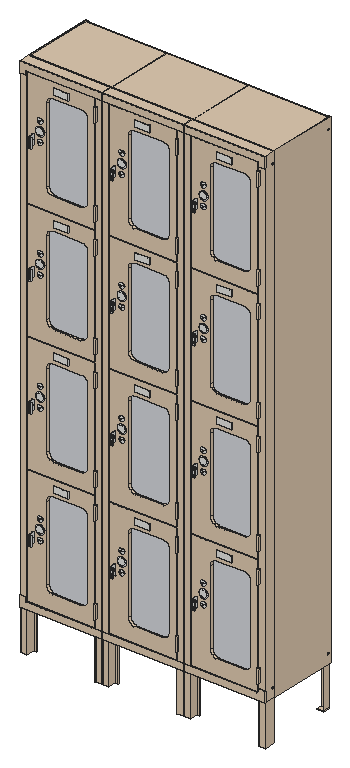
Revit family "Metal_Lockers-Salsbury_Industries-S_64000_Series-3_Wide_Units", category Specialty Equipment, Revit 2016
Family settings
  Part Type = Normal
  Round Connector Dimension = Use Diameter
  OmniClass Number = 23.40.00.00
  OmniClass Title = Equipment and Furnishings
  Work Plane-Based = No
  Always vertical = Yes
  Cut with Voids When Loaded = No
  Shared = No
  Room Calculation Point = No
Parameters (values of type "S-64362 - with Standard 6" High Legs")
  Zee Base Corner - Right Side [instance] = Metal Locker Zee Base Corner : None
  Zee Base Corner - Left Side [instance] = Metal Locker Zee Base Corner : None
  Zee Base - Right Side [instance] = Metal Locker Zee Base-Right Side : None
  Zee Base - Left Side [instance] = Metal Locker Zee Base-Left Side : None
  Zee Base = Metal Locker Zee Base - 3 Wide : None
  Window Panel Material = none
  Width = 36.040"
  Version = "3.0 (03/30/18)"
  Unit Height including Sloping Hood Only [instance] = 78.625"
  Unit Height = 72.000"
  URL = "www.lockers.com"
  Type Comments = "See-Through Metal Lockers - Four Tier"
  Total Door(s) Height [instance] = 69.81949"
  Sloping Top In-Line Filler - Right Side [instance] = Metal Locker Sloping Top Filler : None
  Sloping Top In-Line Filler - Left Side [instance] = Metal Locker Sloping Top Filler : None
  Sloping Top Corner Filler - Right Side [instance] = Metal Locker Sloping Corner Filler : None
  Sloping Top Corner Filler - Left Side [instance] = Metal Locker Sloping Corner Filler : None
  Sloping Hood Height = if(Depth = 12.010", 6.625", if(Depth = 15.010", 8.682", if(Depth = 18.010", 10.739", 0.000")))  # 6.625"
  Sloping Hood [instance] = Metal Locker Sloping Hood : None
  Door Window Width = 6.000"
  Door Window Offset = if(Unit Height = 72.000", 3.270", if(Unit Height = 60.000", 3.270", 0.000"))  # 3.270"
  Door Window Height = if(Unit Height = 72.000", 13.000", if(Unit Height = 60.000", 10.000", 0.000"))  # 13.000"
  Compartment Divider Height = Individual Door Height - 0.375"  # 16.985"
  Right Side Base [instance] = Metal Locker Right Side Base : None
  Primary Structure Material [instance] = Paint - Salsbury Finish - Tan
  Overall Width including Rivets [instance] = 36.120"
  Unit Height including Base Only [instance] = 78.000"
  Overall Unit Height (including Base and Sloping Hood) [instance] = 84.625"
  OmniClass 23 Title = "Equipment and Furnishings"
  OmniClass 23 Number = "23.40.00.00"
  Model = "S-64362"
  MasterFormat Title = "Lockers"
  MasterFormat Number = "10 51 13"
  Manufacturer = "Salsbury Industries"
  Left Side Base [instance] = Metal Locker Left Side Base : None
  Individual Door Height = 17.360"
  Hasp Plate Rivet Material = Steel -Salsbury Finish - Polished Steel
  Hasp Handle Material = Plastic - Salsbury Finish - Black
  Front Vertical Filler - Right [instance] = Metal Locker Front Filler : None
  Front Vertical Filler - Left [instance] = Metal Locker Front Filler : None
  Front Base [instance] = Metal Locker Front Base : None
  Flat Top In-Line Filler - Right Side [instance] = Metal Locker Flat Top Filler : None
  Flat Top In-Line Filler - Left Side [instance] = Metal Locker Flat Top Filler : None
  Flat Top Corner Filler - Right Side [instance] = Metal Locker Flat Corner Filler : None
  Flat Top Corner Filler - Left Side [instance] = Metal Locker Flat Corner Filler : None
  Individual Door Width [instance] = 33.90055"
  End Panel - Right Side [instance] = Metal Locker End Panel : None
  End Panel - Left Side [instance] = Metal Locker End Panel : None
  Door Location D1 = See-Through Metal Locker Doors-12 inch with Latch Hasps : Four Tier Door - 6 foot
  Description = "3 Wide - 6 Feet High - 12 Inches Deep"
  Depth = 12.010"
  Base Height = 6.000"
  Standard Leg Base = Metal Locker Legs - 3 Wide : 6" High - 36" W x 12" D
  Assembly Code = "C1030310"
Reference planes (in)
  plane 1 "Center (Front/Back)": y = 0
  plane 2: z = 0
  plane 3 "Center (Left/Right)": x = 0
  plane 4 "Floor": z = 0
  plane 5 "Bottom of Unit": z = 6
  plane 6 "Top of Unit": z = 78
  plane 7 "Left Side of Unit": x = -18.02
  plane 8 "Right Side of Unit": x = 18.02
  plane 9 "Back of Unit": y = 6.005
  plane 10 "Front of Unit": y = -6.005
  plane 11 "Top of Sloping Hood": z = 84.625
  plane 12 "Left Rivet": x = -18.06
  plane 13 "Right Rivet": x = 18.06
  plane 14 "Right Side of Door Opening": x = 17.02
  plane 15 "Left Side of Door Opening": x = -17.02
  plane 16 "Top of Door Opening": z = 77
  plane 17 "Bottom of Door Opening": z = 7
  plane 18 "Back Edge of Front Facing": y = -4.417
  plane 19 "Front Plate Plane": y = -6.065
  plane 20 "Horizontal Center of Top Rivets": z = 76.5
  plane 21 "Horiz Center of Bottom Rivets": z = 7.5
  plane 22 "Vertical Center of Back Rivets": y = 5.505
  plane 23 "Vertical Center of Front Rivets": y = -4.755
  plane 24 "Right Align Top Filler Overlap": x = 17.435
  plane 25 "Left Align Top Filler Overlap": x = -17.435
  plane 26 "Corner Filler Align-Left": x = -18.08
  plane 27 "Corner Filler Align-Right": x = 18.08
  plane 28 "Right Side of Door": x = 16.95026
  plane 29 "Top of Door 1": z = 76.90976
  plane 30 "Bottom of Bottom Door": z = 7.09027
  plane 31 "Zee Base Offset": x = -17.669
  plane 32: x = 17.669
  plane 33 "Compartment Align 3": z = 24.985
  plane 34: x = -17.96
  plane 35: x = 17.96
  plane 36: x = -17.635
  plane 37: x = 17.635
  plane 38: y = 5.945
  plane 39: y = 5.895
  plane 40: y = 5.145
  plane 41: x = -17.9
  plane 42: x = 17.9
  plane 43: x = -17.095
  plane 44: x = 17.095
  plane 45: z = 77.94
  plane 46: z = 24.925
  plane 47: z = 23.985
  plane 48: z = 6.9204
  plane 49: z = 6.18539
  plane 50: z = 76.40796
  plane 51: z = 7.59204
  plane 52 "Right Side of Center Unit": x = 6.00667
  plane 53 "Left Side of Center Unit": x = -6.00667
  plane 54: x = 6.98167
  plane 55 "Left Side of Door Opening-Right Door": x = 7.00667
  plane 56: x = 5.03167
  plane 57 "Right Side of Door Opening-Center Door": x = 5.00667
  plane 58 "Right Side of Door - Center Door": x = 4.93667
  plane 59: x = -5.03167
  plane 60 "Left Side of Door Opening - Center Door": x = -5.00667
  plane 61: x = -6.98167
  plane 62 "Right Side of Door Opening - Left Door": x = -7.00667
  plane 63 "Right Side of Door - Left Door": x = -7.07667
  plane 64: z = 23.985
  plane 65 "Top of Door Row 3": z = 24.45027
  plane 66 "Bottom of Door Row 2": z = 24.57576
  plane 67 "Top of Door Row 2": z = 41.93576
  plane 68: z = 42.06276
  plane 69 "Compartment Align 2": z = 42.43527
  plane 70: z = 42.37527
  plane 71: z = 41.43527
  plane 72: z = 53.22076
  plane 73: z = 59.42276
  plane 74: z = 59.54976
  plane 75: z = 58.92076
  plane 76: z = 59.86076
  plane 77 "Compartment Align 1": z = 59.92076
  plane 78: z = 70.70625
  plane 79: x = -6.03667
  plane 80: x = -5.97667
  plane 81: x = 5.97667
  plane 82: x = 6.03667
  plane 83: x = -2.06333
  plane 84: x = 3.93667
  plane 85: z = 22.27
  plane 86: z = 9.27
Forms (in)
  Sweep 1, solid, material "Paint - Salsbury Finish - Tan" <- "Primary Structure Material"
    path origin (0, -6.005, 0) x (1, 0, 0) y (0, 0, 1)
      loop
        line (6.00667, 78) -> (6.00667, 6) -> (18.02, 6) -> (18.02, 78) -> (6.00667, 78)
    profile origin (12.01333, -6.005, 78) x (0, 0, 1) y (0, -1, 0)
      loop
        line (0, 0) -> (-1, 0) -> (-1, -1.588) -> (0, -1.588) -> (0, 0)
  Extrusion 2, solid, material "Paint - Salsbury Finish - Tan" <- "Primary Structure Material"
    sketch origin (0, 0, 6) x (0, -1, 0) y (1, 0, 0)
      loop
        line (4.417, 18.02) -> (-6.005, 18.02) -> (-6.005, 17.635) -> (-5.945, 17.635) -> (-5.945, 17.96) -> (4.417, 17.96) -> (4.417, 18.02)
    from 0 to 72
  Extrusion 3, solid, material "Paint - Salsbury Finish - Tan" <- "Primary Structure Material"
    sketch origin (0, 0, 6) x (0, -1, 0) y (1, 0, 0)
      loop
        line (4.417, -18.02) -> (4.417, -17.96) -> (-5.945, -17.96) -> (-5.945, -17.635) -> (-6.005, -17.635) -> (-6.005, -18.02) -> (4.417, -18.02)
    from 0 to 72
  Extrusion 4, solid, material "Paint - Salsbury Finish - Tan" <- "Primary Structure Material"
    sketch origin (0, 0, 6) x (0, -1, 0) y (1, 0, 0)
      loop
        line (-5.945, -17.96) -> (-5.145, -17.96) -> (-5.145, -17.9) -> (-5.895, -17.9) -> (-5.895, 17.9) -> (-5.145, 17.9) -> (-5.145, 17.96) -> (-5.945, 17.96) -> (-5.945, -17.96)
    from 0 to 72
  Sweep 5, solid, material "Paint - Salsbury Finish - Tan" <- "Primary Structure Material"
    path origin (0, 0, 7) x (0, -1, 0) y (1, 0, 0)
      loop
        line (4.417, -17.96) -> (4.417, 17.96) -> (-5.145, 17.96) -> (-5.145, 17.9) -> (-5.895, 17.9) -> (-5.895, -17.9) -> (-5.145, -17.9) -> (-5.145, -17.96) -> (4.417, -17.96)
    profile origin (-17.96, 0.364, 7) x (-1, 0, 0) y (0, 0, 1)
      loop
        line (0, -0.81461) -> (0, -0.0796) -> (-0.06, -0.0796) -> (-0.06, -0.81461) -> (0, -0.81461)
  Extrusion 6, solid, material "Paint - Salsbury Finish - Tan" <- "Primary Structure Material"
    sketch origin (0, 0, 7) x (0, -1, 0) y (1, 0, 0)
      loop
        line (-5.895, -17.9) -> (-5.145, -17.9) -> (-5.145, -17.96) -> (4.417, -17.96) -> (4.417, 17.96) -> (-5.145, 17.96) -> (-5.145, 17.9) -> (-5.895, 17.9) -> (-5.895, -17.9)
    from -0.0796 to 0
  Extrusion 7, solid, material "Paint - Salsbury Finish - Tan" <- "Primary Structure Material"
    sketch origin (0, 0, 78) x (0, -1, 0) y (1, 0, 0)
      loop
        line (-5.895, -17.9) -> (-5.145, -17.9) -> (-5.145, -17.96) -> (4.417, -17.96) -> (4.417, 17.96) -> (-5.145, 17.96) -> (-5.145, 17.9) -> (-5.895, 17.9) -> (-5.895, -17.9)
    from -0.06 to 0
  Extrusion 8, solid, material "Paint - Salsbury Finish - Tan" <- "Primary Structure Material"
    sketch origin (0, -6.065, 0) x (0, 0, -1) y (1, 0, 0)
      loop
        line (-78, -18.02) -> (-76.47656, -18.02)
        arc (-76.47656, -18.02) -> (-76.42806, -17.99991) -> (-76.40796, -17.9514) r 0.0686
        line (-76.40796, -17.9514) -> (-76.40796, -17.16351)
        arc (-76.40796, -17.16351) -> (-76.42809, -17.11506) -> (-76.47656, -17.095) r 0.0686
        line (-76.47656, -17.095) -> (-77, -17.095) -> (-77, 17.095) -> (-76.47656, 17.095)
        arc (-76.47656, 17.095) -> (-76.42809, 17.11506) -> (-76.40796, 17.16351) r 0.0686
        line (-76.40796, 17.16351) -> (-76.40796, 17.9514)
        arc (-76.40796, 17.9514) -> (-76.42806, 17.99991) -> (-76.47656, 18.02) r 0.0686
        line (-76.47656, 18.02) -> (-78, 18.02) -> (-78, -18.02)
    from -0.06 to 0
  Extrusion 9, solid, material "Paint - Salsbury Finish - Tan" <- "Primary Structure Material"
    sketch origin (0, -6.065, 84) x (0, 0, 1) y (-1, 0, 0)
      loop
        line (-78, 18.02) -> (-78, -18.02) -> (-76.47656, -18.02)
        arc (-76.47656, -18.02) -> (-76.42806, -17.99991) -> (-76.40796, -17.9514) r 0.0686
        line (-76.40796, -17.9514) -> (-76.40796, -17.16351)
        arc (-76.40796, -17.16351) -> (-76.42809, -17.11506) -> (-76.47656, -17.095) r 0.0686
        line (-76.47656, -17.095) -> (-77, -17.095) -> (-77, 17.095) -> (-76.47656, 17.095)
        arc (-76.47656, 17.095) -> (-76.42809, 17.11506) -> (-76.40796, 17.16351) r 0.0686
        line (-76.40796, 17.16351) -> (-76.40796, 17.9514)
        arc (-76.40796, 17.9514) -> (-76.42806, 17.99991) -> (-76.47656, 18.02) r 0.0686
        line (-76.47656, 18.02) -> (-78, 18.02)
    from -0.06 to 0
  Blend 10, solid, material "Steel -Salsbury Finish - Polished Steel" <- "Hasp Plate Rivet Material"
    base sketch origin (18.02, 0, 0) x (0, 0, -1) y (0, -1, 0)
      loop
        circle (-76.5, 4.755) r 0.187
    top sketch origin (18.02, 0, 0) x (0, 0, -1) y (0, -1, 0)
      loop
        circle (-76.5, 4.755) r 0.05319
    from 0 to -0.04
  Blend 11, solid, material "Steel -Salsbury Finish - Polished Steel" <- "Hasp Plate Rivet Material"
    base sketch origin (18.02, 0, -69) x (0, 0, -1) y (0, -1, 0)
      loop
        circle (-76.5, 4.755) r 0.187
    top sketch origin (18.02, 0, -69) x (0, 0, -1) y (0, -1, 0)
      loop
        circle (-76.5, 4.755) r 0.05319
    from 0 to -0.04
  Blend 12, solid, material "Steel -Salsbury Finish - Polished Steel" <- "Hasp Plate Rivet Material"
    base sketch origin (18.02, 10.26, -69) x (0, 0, -1) y (0, -1, 0)
      loop
        circle (-76.5, 4.755) r 0.187
    top sketch origin (18.02, 10.26, -69) x (0, 0, -1) y (0, -1, 0)
      loop
        circle (-76.5, 4.755) r 0.05319
    from 0 to -0.04
  Blend 13, solid, material "Steel -Salsbury Finish - Polished Steel" <- "Hasp Plate Rivet Material"
    base sketch origin (18.02, 10.26, 0.0043) x (0, 0, -1) y (0, -1, 0)
      loop
        circle (-76.5, 4.755) r 0.187
    top sketch origin (18.02, 10.26, 0.0043) x (0, 0, -1) y (0, -1, 0)
      loop
        circle (-76.5, 4.755) r 0.05319
    from 0 to -0.04
  Blend 14, solid, material "Steel -Salsbury Finish - Polished Steel" <- "Hasp Plate Rivet Material"
    base sketch origin (-6.02, 0, -69) x (0, 0, -1) y (0, 1, 0)
      loop
        circle (-76.5, -4.755) r 0.187
    top sketch origin (-6.02, 0, -69) x (0, 0, -1) y (0, 1, 0)
      loop
        circle (-76.5, -4.755) r 0.05319
    from -12 to -12.04
  Blend 15, solid, material "Steel -Salsbury Finish - Polished Steel" <- "Hasp Plate Rivet Material"
    base sketch origin (-6.02, 10.26, -69) x (0, 0, -1) y (0, 1, 0)
      loop
        circle (-76.5, -4.755) r 0.187
    top sketch origin (-6.02, 10.26, -69) x (0, 0, -1) y (0, 1, 0)
      loop
        circle (-76.5, -4.755) r 0.05319
    from -12 to -12.04
  Blend 16, solid, material "Steel -Salsbury Finish - Polished Steel" <- "Hasp Plate Rivet Material"
    base sketch origin (-6.02, 0, 0) x (0, 0, -1) y (0, 1, 0)
      loop
        circle (-76.5, -4.755) r 0.187
    top sketch origin (-6.02, 0, 0) x (0, 0, -1) y (0, 1, 0)
      loop
        circle (-76.5, -4.755) r 0.05319
    from -12 to -12.04
  Blend 17, solid, material "Steel -Salsbury Finish - Polished Steel" <- "Hasp Plate Rivet Material"
    base sketch origin (-6.02, 10.26, 0.00039) x (0, 0, -1) y (0, 1, 0)
      loop
        circle (-76.5, -4.755) r 0.187
    top sketch origin (-6.02, 10.26, 0.00039) x (0, 0, -1) y (0, 1, 0)
      loop
        circle (-76.5, -4.755) r 0.05319
    from -12 to -12.04
  Extrusion 18, solid, material "Paint - Salsbury Finish - Tan" <- "Primary Structure Material"
    sketch origin (0, 0, 24.985) x (0, -1, 0) y (1, 0, 0)
      loop
        line (-5.895, -17.9) -> (-5.145, -17.9) -> (-5.145, -17.96) -> (4.417, -17.96) -> (4.417, 17.96) -> (-5.145, 17.96) -> (-5.145, 17.9) -> (-5.895, 17.9) -> (-5.895, -17.9)
    from -0.06 to 0
  Sweep 19, solid, material "Paint - Salsbury Finish - Tan" <- "Primary Structure Material"
    path origin (0, 0, 24.985) x (0, -1, 0) y (1, 0, 0)
      loop
        line (4.417, -17.96) -> (4.417, 17.96) -> (-5.145, 17.96) -> (-5.145, 17.9) -> (-5.895, 17.9) -> (-5.895, -17.9) -> (-5.145, -17.9) -> (-5.145, -17.96) -> (4.417, -17.96)
    profile origin (-17.96, 0.364, 24.985) x (-1, 0, 0) y (0, 0, 1)
      loop
        line (0, -1) -> (0, -0.06) -> (-0.06, -0.06) -> (-0.06, -1) -> (0, -1)
  Sweep 20, solid, material "Paint - Salsbury Finish - Tan" <- "Primary Structure Material"
    path origin (-12.01333, -6.005, 0) x (1, 0, 0) y (0, 0, 1)
      loop
        line (6.00667, 78) -> (6.00667, 6) -> (18.02, 6) -> (18.02, 78) -> (6.00667, 78)
    profile origin (0, -6.005, 78) x (0, 0, 1) y (0, -1, 0)
      loop
        line (0, 0) -> (-1, 0) -> (-1, -1.588) -> (0, -1.588) -> (0, 0)
  Sweep 21, solid, material "Paint - Salsbury Finish - Tan" <- "Primary Structure Material"
    path origin (-24.02667, -6.005, 0) x (1, 0, 0) y (0, 0, 1)
      loop
        line (6.00667, 78) -> (6.00667, 6) -> (18.02, 6) -> (18.02, 78) -> (6.00667, 78)
    profile origin (-12.01333, -6.005, 78) x (0, 0, 1) y (0, -1, 0)
      loop
        line (0, 0) -> (-1, 0) -> (-1, -1.588) -> (0, -1.588) -> (0, 0)
  Extrusion 22, solid, material "Paint - Salsbury Finish - Tan" <- "Primary Structure Material"
    sketch origin (0, 0, 42.43527) x (0, -1, 0) y (1, 0, 0)
      loop
        line (-5.945, -17.9) -> (-5.145, -17.9) -> (-5.145, -17.96) -> (4.417, -17.96) -> (4.417, 17.96) -> (-5.145, 17.96) -> (-5.145, 17.9) -> (-5.945, 17.9) -> (-5.945, -17.9)
    from -0.06 to 0
  Sweep 23, solid, material "Paint - Salsbury Finish - Tan" <- "Primary Structure Material"
    path origin (0, 0, 42.43527) x (0, -1, 0) y (1, 0, 0)
      loop
        line (4.417, -17.96) -> (4.417, 17.96) -> (-5.145, 17.96) -> (-5.145, 17.9) -> (-5.945, 17.9) -> (-5.945, -17.9) -> (-5.145, -17.9) -> (-5.145, -17.96) -> (4.417, -17.96)
    profile origin (-17.96, 0.364, 42.43527) x (-1, 0, 0) y (0, 0, 1)
      loop
        line (0, -1) -> (0, -0.06) -> (-0.06, -0.06) -> (-0.06, -1) -> (0, -1)
  Extrusion 24, solid, material "Paint - Salsbury Finish - Tan" <- "Primary Structure Material"
    sketch origin (0, 0, 59.92076) x (0, -1, 0) y (1, 0, 0)
      loop
        line (-5.945, -17.9) -> (-5.145, -17.9) -> (-5.145, -17.96) -> (4.417, -17.96) -> (4.417, 17.96) -> (-5.145, 17.96) -> (-5.145, 17.9) -> (-5.945, 17.9) -> (-5.945, -17.9)
    from -0.06 to 0
  Sweep 25, solid, material "Paint - Salsbury Finish - Tan" <- "Primary Structure Material"
    path origin (0, 0, 59.92076) x (0, -1, 0) y (1, 0, 0)
      loop
        line (4.417, -17.96) -> (4.417, 17.96) -> (-5.145, 17.96) -> (-5.145, 17.9) -> (-5.945, 17.9) -> (-5.945, -17.9) -> (-5.145, -17.9) -> (-5.145, -17.96) -> (4.417, -17.96)
    profile origin (-17.96, 0.364, 59.92076) x (-1, 0, 0) y (0, 0, 1)
      loop
        line (0, -1) -> (0, -0.06) -> (-0.06, -0.06) -> (-0.06, -1) -> (0, -1)
  Extrusion 26, solid, material "Paint - Salsbury Finish - Tan" <- "Primary Structure Material"
    sketch origin (6.00667, 0, 0) x (0, 0, -1) y (0, -1, 0)
      loop
        line (-77.94, 4.417) -> (-77.94, -5.895) -> (-6, -5.895) -> (-6, 4.417) -> (-77.94, 4.417)
    from -0.03 to 0.03
  Extrusion 27, solid, material "Paint - Salsbury Finish - Tan" <- "Primary Structure Material"
    sketch origin (-6.00667, 0, 0) x (0, 0, -1) y (0, -1, 0)
      loop
        line (-77.94, 4.417) -> (-77.94, -5.895) -> (-6, -5.895) -> (-6, 4.417) -> (-77.94, 4.417)
    from -0.03 to 0.03
Lines and regions (in)
  reference lines
    curve 1: line (-41.59242, -6.065, 78) -> (48.15758, -6.065, 78)
  symbolic lines
    curve 2: line (-18.02, 6.005, 78) -> (18.02, 6.005, 78)
    curve 3: line (-18.02, -6.065, 78) -> (-18.02, 6.005, 78)
    curve 4: line (18.02, -6.065, 78) -> (-18.02, -6.065, 78)
    curve 5: line (18.02, 6.005, 78) -> (18.02, -6.065, 78)
    curve 6: line (-18.06, -4.80819, 78) -> (-18.02, -4.91809, 78)
    curve 7: line (-18.02, -4.58043, 78) -> (-18.06, -4.70181, 78)
    curve 8: line (-18.06, -4.80819, 78) -> (-18.06, -4.70181, 78)
    curve 9: line (-18.06, 5.45181, 78) -> (-18.02, 5.31077, 78)
    curve 10: line (-18.06, 5.55819, 78) -> (-18.02, 5.68474, 78)
    curve 11: line (-18.06, 5.55819, 78) -> (-18.06, 5.45181, 78)
    curve 12: line (18.06, 5.55819, 78) -> (18.02, 5.70747, 78)
    curve 13: line (18.06, 5.45181, 78) -> (18.02, 5.3179, 78)
    curve 14: line (18.06, 5.55819, 78) -> (18.06, 5.45181, 78)
    curve 15: line (18.06, -4.70181, 78) -> (18.02, -4.57098, 78)
    curve 16: line (18.06, -4.80819, 78) -> (18.02, -4.94769, 78)
    curve 17: line (18.06, -4.70181, 78) -> (18.06, -4.80819, 78)
  model lines
    curve 18: line (6.00667, 6.005, 6) -> (6.00667, 6.005, 78)
    curve 19: line (-6.00667, 6.005, 6) -> (-6.00667, 6.005, 78)
    curve 20: line (-6.00667, 5.945, 78) -> (-6.00667, -6.065, 78)
    curve 21: line (6.00667, 5.945, 78) -> (6.00667, -6.065, 78)
Dimensions and locks (in)
  equal spacing: plane 7 "Left Side of Unit", plane 53 "Left Side of Center Unit", plane 52 "Right Side of Center Unit", plane 8 "Right Side of Unit"
  "Width": plane 7 "Left Side of Unit" to plane 8 "Right Side of Unit"
  "Base Height": plane 5 "Bottom of Unit" to plane 4 "Floor"
  "Unit Height": plane 6 "Top of Unit" to plane 5 "Bottom of Unit"
  "Unit Height including Base Only": plane 6 "Top of Unit" to plane 4 "Floor"
  equal spacing: plane 10 "Front of Unit", plane 1 "Center (Front/Back)", plane 9 "Back of Unit"
  "Depth": plane 10 "Front of Unit" to plane 9 "Back of Unit"
  "Sloping Hood Height": plane 11 "Top of Sloping Hood" to plane 6 "Top of Unit"
  "Overall Unit Height (including Base and Sloping Hood)": plane 11 "Top of Sloping Hood" to plane 4 "Floor"
  locked: plane 12 "Left Rivet" to plane 7 "Left Side of Unit" at 0.04
  locked: plane 8 "Right Side of Unit" to plane 13 "Right Rivet" at 0.04
  "Overall Width including Rivets": plane 12 "Left Rivet" to plane 13 "Right Rivet"
  plane 6 "Top of Unit" to plane 16 "Top of Door Opening" to plane 29 "Top of Door 1" to plane 50 = 1.000" locked, 0.09024", 0.5018"
  plane 51 to plane 30 "Bottom of Bottom Door" to plane 17 "Bottom of Door Opening" to plane 5 "Bottom of Unit" = 0.50177", 0.09027", 1.000" locked
  locked: plane 7 "Left Side of Unit" to plane 15 "Left Side of Door Opening" at 1
  plane 28 "Right Side of Door" to plane 14 "Right Side of Door Opening" to plane 8 "Right Side of Unit" = 0.06974", 1.000" locked
  plane 19 "Front Plate Plane" to plane 10 "Front of Unit" to plane 18 "Back Edge of Front Facing" = 0.060" locked, 1.588" locked
  "Unit Height including Sloping Hood Only": plane 11 "Top of Sloping Hood" to plane 5 "Bottom of Unit"
  locked: plane 20 "Horizontal Center of Top Rivets" to plane 6 "Top of Unit" at 1.5
  locked: plane 5 "Bottom of Unit" to plane 21 "Horiz Center of Bottom Rivets" at 1.5
  locked: plane 22 "Vertical Center of Back Rivets" to plane 9 "Back of Unit" at 0.5
  locked: plane 10 "Front of Unit" to plane 23 "Vertical Center of Front Rivets" at 1.25
  locked: plane 24 "Right Align Top Filler Overlap" to plane 13 "Right Rivet" at 0.625
  locked: plane 12 "Left Rivet" to plane 25 "Left Align Top Filler Overlap" at 0.625
  locked: plane 8 "Right Side of Unit" to plane 27 "Corner Filler Align-Right" at 0.06
  locked: plane 26 "Corner Filler Align-Left" to plane 7 "Left Side of Unit" at 0.06
  "Total Door(s) Height": plane 29 "Top of Door 1" to plane 30 "Bottom of Bottom Door"
  plane 7 "Left Side of Unit" to plane 31 "Zee Base Offset" = 0.351"
  plane 32 to plane 8 "Right Side of Unit" = 0.351"
  plane 33 "Compartment Align 3" to plane 46 to plane 64 = 0.060" locked, 0.940" locked
  plane 7 "Left Side of Unit" to plane 34 to plane 41 to plane 36 = 0.060" locked, 0.060" locked, 0.265" locked
  plane 37 to plane 42 to plane 35 to plane 8 "Right Side of Unit" = 0.265" locked, 0.060", 0.060"
  plane 40 to plane 39 to plane 38 to plane 9 "Back of Unit" = 0.750" locked, 0.050", 0.060"
  locked: plane 7 "Left Side of Unit" to plane 43 at 0.925
  locked: plane 44 to plane 8 "Right Side of Unit" at 0.925
  locked: plane 6 "Top of Unit" to plane 45 at 0.06
  plane 46 to plane 47 = 0.940"
  locked: plane 17 "Bottom of Door Opening" to plane 48 at 0.0796
  plane 48 to plane 49 = 0.73501"
  plane 58 "Right Side of Door - Center Door" to plane 57 "Right Side of Door Opening-Center Door" to plane 56 to plane 52 "Right Side of Center Unit" to plane 54 to plane 55 "Left Side of Door Opening-Right Door" = 0.070", 0.025", 0.975", 0.975", 0.025"
  plane 63 "Right Side of Door - Left Door" to plane 62 "Right Side of Door Opening - Left Door" to plane 61 to plane 53 "Left Side of Center Unit" to plane 59 to plane 60 "Left Side of Door Opening - Center Door" = 0.070", 0.025", 0.975", 0.975", 0.025"
  "Individual Door Height": plane 65 "Top of Door Row 3" to plane 30 "Bottom of Bottom Door"
  "Compartment Divider Height": plane 64 to plane 17 "Bottom of Door Opening"
  locked: plane 66 "Bottom of Door Row 2" to plane 65 "Top of Door Row 3" at 0.12549
  "Individual Door Height": plane 67 "Top of Door Row 2" to plane 66 "Bottom of Door Row 2"
  locked: plane 68 to plane 67 "Top of Door Row 2" at 0.127
  plane 69 "Compartment Align 2" to plane 70 to plane 71 = 0.060" locked, 0.940" locked
  "Compartment Divider Height": plane 71 to plane 65 "Top of Door Row 3"
  "Individual Door Height": plane 73 to plane 68
  locked: plane 74 to plane 73 at 0.127
  "Compartment Divider Height": plane 75 to plane 67 "Top of Door Row 2"
  plane 77 "Compartment Align 1" to plane 76 to plane 75 = 0.060" locked, 0.940" locked
  plane 79 to plane 53 "Left Side of Center Unit" to plane 80 = 0.030", 0.030"
  plane 81 to plane 52 "Right Side of Center Unit" to plane 82 = 0.030", 0.030"
  "Door Window Width": plane 83 to plane 84
  "Door Window Height": plane 85 to plane 86
  "Door Window Offset": plane 86 to plane 5 "Bottom of Unit"
  aligned and locked: level to plane 2
  aligned and locked: Extrusion 2 to plane 6 "Top of Unit"
  aligned and locked: Extrusion 3 to plane 6 "Top of Unit"
  aligned and locked: Extrusion 4 to plane 6 "Top of Unit"
  aligned and locked: Extrusion 8 to plane 10 "Front of Unit"
  aligned and locked: Extrusion 9 to plane 10 "Front of Unit"
  aligned and locked: Extrusion 6 to plane 17 "Bottom of Door Opening"
  aligned and locked: plane 4 "Floor" to nested 2
  aligned and locked: plane 5 "Bottom of Unit" to Extrusion 9
  aligned and locked: plane 8 "Right Side of Unit" to nested 6
  aligned and locked: plane 7 "Left Side of Unit" to nested 7
  aligned and locked: Blend 10 to plane 13 "Right Rivet"
  aligned and locked: plane 8 "Right Side of Unit" to Blend 10
  aligned and locked: Blend 15 to plane 7 "Left Side of Unit"
  aligned and locked: Blend 14 to plane 7 "Left Side of Unit"  (x2)
  aligned and locked: plane 12 "Left Rivet" to Blend 14
  aligned and locked: plane 12 "Left Rivet" to Blend 15
  aligned and locked: Blend 14 to plane 12 "Left Rivet"
  aligned and locked: Blend 17 to plane 7 "Left Side of Unit"
  aligned and locked: plane 12 "Left Rivet" to Blend 17
  aligned and locked: Blend 16 to plane 7 "Left Side of Unit"
  aligned and locked: plane 12 "Left Rivet" to Blend 16
  aligned and locked: plane 5 "Bottom of Unit" to nested 10
  aligned and locked: plane 13 "Right Rivet" to nested 10
  aligned and locked: plane 12 "Left Rivet" to nested 11
  aligned and locked: nested 11 to plane 10 "Front of Unit"
  aligned and locked: plane 13 "Right Rivet" to nested 12
  aligned and locked: plane 10 "Front of Unit" to nested 12
  aligned and locked: plane 6 "Top of Unit" to nested 12
  aligned and locked: plane 12 "Left Rivet" to nested 13
  aligned and locked: plane 10 "Front of Unit" to nested 13
  aligned and locked: plane 6 "Top of Unit" to nested 13
  aligned and locked: plane 6 "Top of Unit" to nested 14
  aligned and locked: nested 14 to plane 19 "Front Plate Plane"
  aligned and locked: nested 14 to plane 24 "Right Align Top Filler Overlap"
  aligned and locked: nested 15 to plane 25 "Left Align Top Filler Overlap"
  aligned and locked: nested 15 to plane 19 "Front Plate Plane"
  aligned and locked: nested 10 to nested 15
  aligned and locked: plane 19 "Front Plate Plane" to nested 16
  aligned and locked: plane 6 "Top of Unit" to nested 16
  aligned and locked: nested 17 to plane 6 "Top of Unit"
  aligned and locked: nested 17 to plane 19 "Front Plate Plane"
  aligned and locked: nested 18 to plane 24 "Right Align Top Filler Overlap"
  aligned and locked: nested 18 to plane 19 "Front Plate Plane"
  aligned and locked: plane 16 "Top of Door Opening" to nested 18
  aligned and locked: nested 19 to plane 16 "Top of Door Opening"
  aligned and locked: nested 19 to plane 25 "Left Align Top Filler Overlap"
  aligned and locked: nested 19 to plane 19 "Front Plate Plane"
  aligned and locked: nested 11 to plane 6 "Top of Unit"
  aligned and locked: plane 10 "Front of Unit" to nested 10
  aligned and locked: plane 10 "Front of Unit" to nested 22
  aligned and locked: plane 10 "Front of Unit" to nested 1
  aligned and locked: plane 10 "Front of Unit" to nested 2
  aligned and locked: plane 7 "Left Side of Unit" to nested 17
  aligned and locked: plane 31 "Zee Base Offset" to nested 9
  aligned and locked: plane 18 "Back Edge of Front Facing" to nested 9
  aligned and locked: nested 8 to plane 18 "Back Edge of Front Facing"
  aligned and locked: plane 32 to nested 8
  aligned and locked: nested 21 to curve 1
  aligned and locked: nested 20 to curve 1
  aligned and locked: Sweep 19 sketch curve to Extrusion 18
  aligned and locked: plane 7 "Left Side of Unit" to Extrusion 3
  aligned and locked: Extrusion 3 to plane 9 "Back of Unit"
  aligned and locked: Extrusion 2 to plane 8 "Right Side of Unit"
  aligned and locked: Extrusion 2 to plane 9 "Back of Unit"
  aligned and locked: plane 18 "Back Edge of Front Facing" to Extrusion 3
  aligned and locked: plane 18 "Back Edge of Front Facing" to Extrusion 2
  aligned and locked: plane 34 to Extrusion 3
  aligned and locked: plane 35 to Extrusion 2
  aligned and locked: plane 36 to Extrusion 3
  aligned and locked: plane 37 to Extrusion 2
  aligned and locked: Extrusion 3 to plane 38
  aligned and locked: plane 38 to Extrusion 2
  aligned and locked: Extrusion 4 to plane 38
  aligned and locked: Extrusion 4 to plane 39
  aligned and locked: plane 34 to Extrusion 4
  aligned and locked: plane 40 to Extrusion 4  (x2)
  aligned and locked: plane 41 to Extrusion 4
  aligned and locked: plane 42 to Extrusion 4
  aligned and locked: Extrusion 7 to plane 39
  aligned and locked: plane 41 to Extrusion 7
  aligned and locked: plane 34 to Extrusion 7  (x2)
  aligned and locked: Extrusion 7 to plane 40  (x2)
  aligned and locked: Extrusion 7 to plane 42
  aligned and locked: Extrusion 7 to plane 35  (x2)
  aligned and locked: plane 18 "Back Edge of Front Facing" to Extrusion 7
  aligned and locked: plane 18 "Back Edge of Front Facing" to Extrusion 6
  aligned and locked: Extrusion 6 to plane 39
  aligned and locked: Extrusion 6 to plane 42
  aligned and locked: Extrusion 6 to plane 40  (x2)
  aligned and locked: Extrusion 6 to plane 35
  aligned and locked: plane 41 to Extrusion 6
  aligned and locked: plane 34 to Extrusion 6
  aligned and locked: Sweep 5 to plane 39
  aligned and locked: Sweep 5 to plane 40  (x2)
  aligned and locked: Sweep 5 to plane 42
  aligned and locked: Sweep 5 to plane 35
  aligned and locked: plane 18 "Back Edge of Front Facing" to Sweep 5
  aligned and locked: plane 34 to Sweep 5
  aligned and locked: plane 41 to Sweep 5
  aligned and locked: Sweep 5 sketch curve to plane 41
  aligned and locked: Sweep 5 sketch curve to plane 39
  aligned and locked: plane 40 to Sweep 5 sketch curve  (x2)
  aligned and locked: Sweep 5 sketch curve to plane 34  (x2)
  aligned and locked: plane 42 to Sweep 5 sketch curve
  aligned and locked: plane 35 to Sweep 5 sketch curve
  aligned and locked: Sweep 5 sketch curve to plane 18 "Back Edge of Front Facing"
  aligned and locked: Extrusion 18 to plane 39
  aligned and locked: Extrusion 18 to plane 42
  aligned and locked: Extrusion 18 to plane 40  (x2)
  aligned and locked: Extrusion 18 to plane 35
  aligned and locked: plane 18 "Back Edge of Front Facing" to Extrusion 18
  aligned and locked: plane 34 to Extrusion 18
  aligned and locked: plane 41 to Extrusion 18
  aligned and locked: Sweep 19 sketch curve to plane 39
  aligned and locked: plane 42 to Sweep 19 sketch curve
  aligned and locked: plane 40 to Sweep 19 sketch curve  (x2)
  aligned and locked: plane 35 to Sweep 19 sketch curve
  aligned and locked: Sweep 19 sketch curve to plane 18 "Back Edge of Front Facing"
  aligned and locked: Sweep 19 sketch curve to plane 34  (x2)
  aligned and locked: Sweep 19 sketch curve to plane 41
  aligned and locked: plane 6 "Top of Unit" to Sweep 1 sketch curve  (x2)
  aligned and locked: plane 8 "Right Side of Unit" to Sweep 1 sketch curve
  aligned and locked: Sweep 1 sketch curve to plane 5 "Bottom of Unit"
  aligned and locked: plane 10 "Front of Unit" to Sweep 1
  aligned and locked: Extrusion 8 to plane 19 "Front Plate Plane"
  aligned and locked: plane 10 "Front of Unit" to Extrusion 8
  aligned and locked: Extrusion 8 to plane 8 "Right Side of Unit"
  aligned and locked: plane 7 "Left Side of Unit" to Extrusion 8
  aligned and locked: plane 7 "Left Side of Unit" to Extrusion 9
  aligned and locked: plane 19 "Front Plate Plane" to Extrusion 9
  aligned and locked: Extrusion 9 to plane 8 "Right Side of Unit"
  aligned and locked: plane 43 to Extrusion 9
  aligned and locked: plane 44 to Extrusion 9
  aligned and locked: plane 44 to Extrusion 8
  aligned and locked: Extrusion 8 to plane 43
  aligned and locked: plane 28 "Right Side of Door" to nested 22
  aligned and locked: plane 18 "Back Edge of Front Facing" to Sweep 1 sketch curve
  aligned and locked: Sweep 1 sketch curve to plane 16 "Top of Door Opening"
  aligned and locked: Sweep 1 sketch curve to plane 10 "Front of Unit"
  aligned and locked: plane 5 "Bottom of Unit" to Extrusion 4
  aligned and locked: Extrusion 4 to plane 35
  aligned and locked: plane 5 "Bottom of Unit" to Extrusion 3
  aligned and locked: plane 5 "Bottom of Unit" to Extrusion 2
  aligned and locked: Extrusion 7 to plane 6 "Top of Unit"
  aligned and locked: plane 45 to Extrusion 7
  aligned and locked: Extrusion 18 to plane 33 "Compartment Align 3"
  aligned and locked: Extrusion 18 to plane 46
  aligned and locked: plane 41 to Sweep 19 sketch curve
  aligned and locked: plane 47 to Sweep 19 sketch curve
  aligned and locked: Extrusion 6 to plane 48
  aligned and locked: Sweep 5 to plane 48
  aligned and locked: Sweep 5 sketch curve to plane 49
  aligned and locked: Sweep 5 sketch curve to plane 48
  aligned and locked: plane 41 to Sweep 5 sketch curve
  aligned and locked: plane 50 to Extrusion 8
  aligned and locked: Extrusion 8 to plane 50
  aligned and locked: Extrusion 8 to plane 6 "Top of Unit"
  aligned and locked: plane 16 "Top of Door Opening" to Extrusion 8
  aligned and locked: Extrusion 9 to plane 17 "Bottom of Door Opening"
  aligned and locked: plane 51 to Extrusion 9  (x2)
  aligned and locked: plane 4 "Floor" to nested 1
  aligned and locked: Blend 12 to plane 13 "Right Rivet"
  aligned and locked: plane 8 "Right Side of Unit" to Blend 12
  aligned and locked: plane 8 "Right Side of Unit" to Blend 13
  aligned and locked: Blend 13 to plane 13 "Right Rivet"
  aligned and locked: plane 8 "Right Side of Unit" to Blend 11
  aligned and locked: Blend 11 to plane 13 "Right Rivet"
  aligned and locked: nested 21 to curve 3
  aligned and locked: curve 4 to Extrusion 8
  aligned and locked: curve 5 to Extrusion 8
  aligned and locked: curve 8 to Blend 14
  aligned and locked: curve 11 to Blend 15
  aligned and locked: curve 14 to Blend 12
  aligned and locked: curve 17 to Blend 10
  aligned and locked: plane 8 "Right Side of Unit" to nested 20
  aligned and locked: plane 7 "Left Side of Unit" to nested 21
  aligned and locked: Sweep 1 sketch curve to plane 52 "Right Side of Center Unit"
  aligned and locked: plane 6 "Top of Unit" to Sweep 20 sketch curve
  aligned and locked: Sweep 20 sketch curve to plane 5 "Bottom of Unit"
  aligned and locked: Sweep 21 sketch curve to plane 5 "Bottom of Unit"
  aligned and locked: plane 53 "Left Side of Center Unit" to Sweep 21 sketch curve
  aligned and locked: Sweep 21 sketch curve to plane 7 "Left Side of Unit"
  aligned and locked: plane 6 "Top of Unit" to Sweep 21 sketch curve
  aligned and locked: Sweep 20 sketch curve to plane 53 "Left Side of Center Unit"
  aligned and locked: plane 52 "Right Side of Center Unit" to Sweep 20 sketch curve
  aligned and locked: plane 10 "Front of Unit" to nested 24
  aligned and locked: plane 18 "Back Edge of Front Facing" to Sweep 20 sketch curve
  aligned and locked: Sweep 20 sketch curve to plane 16 "Top of Door Opening"
  aligned and locked: profile plane to Sweep 20 sketch curve
  aligned and locked: Sweep 20 sketch curve to profile plane
  aligned and locked: profile plane to Sweep 21 sketch curve
  aligned and locked: plane 18 "Back Edge of Front Facing" to Sweep 21 sketch curve
  aligned and locked: Sweep 21 sketch curve to plane 16 "Top of Door Opening"
  aligned and locked: Sweep 21 sketch curve to profile plane
  aligned and locked: plane 58 "Right Side of Door - Center Door" to nested 23
  aligned and locked: plane 63 "Right Side of Door - Left Door" to nested 24
  aligned and locked: nested 23 to plane 30 "Bottom of Bottom Door"
  aligned and locked: nested 24 to plane 30 "Bottom of Bottom Door"
  aligned and locked: plane 4 "Floor" to nested 5
  aligned and locked: plane 8 "Right Side of Unit" to nested 5
  aligned and locked: plane 9 "Back of Unit" to nested 6
  aligned and locked: plane 9 "Back of Unit" to nested 7
  aligned and locked: plane 52 "Right Side of Center Unit" to curve 18
  aligned and locked: plane 53 "Left Side of Center Unit" to curve 19
  aligned and locked: plane 5 "Bottom of Unit" to curve 19
  aligned and locked: plane 5 "Bottom of Unit" to curve 18
  aligned and locked: plane 6 "Top of Unit" to curve 18
  aligned and locked: plane 6 "Top of Unit" to curve 19
  aligned and locked: curve 20 to Extrusion 4
  aligned and locked: curve 20 to Sweep 21
  aligned and locked: curve 21 to Sweep 20
  aligned and locked: Extrusion 4 to curve 21
  aligned and locked: Extrusion 8 to curve 20
  aligned and locked: plane 6 "Top of Unit" to nested 25
  aligned and locked: plane 19 "Front Plate Plane" to nested 25
  aligned and locked: plane 10 "Front of Unit" to nested 23
  aligned and locked: nested 22 to plane 30 "Bottom of Bottom Door"
  aligned and locked: Sweep 19 to plane 64
  aligned and locked: nested 26 to plane 66 "Bottom of Door Row 2"
  aligned and locked: nested 27 to plane 66 "Bottom of Door Row 2"
  aligned and locked: nested 28 to plane 66 "Bottom of Door Row 2"
  aligned and locked: plane 28 "Right Side of Door" to nested 26
  aligned and locked: plane 58 "Right Side of Door - Center Door" to nested 27
  aligned and locked: plane 63 "Right Side of Door - Left Door" to nested 28
  aligned and locked: plane 10 "Front of Unit" to nested 26
  aligned and locked: plane 10 "Front of Unit" to nested 27
  aligned and locked: plane 10 "Front of Unit" to nested 28
  aligned and locked: plane 68 to nested 29
  aligned and locked: nested 30 to plane 68
  aligned and locked: nested 31 to plane 68
  aligned and locked: Extrusion 22 to Sweep 23 sketch curve
  aligned and locked: plane 70 to Extrusion 22
  aligned and locked: Extrusion 22 to plane 69 "Compartment Align 2"
  aligned and locked: Sweep 23 sketch curve to plane 71
  aligned and locked: plane 28 "Right Side of Door" to nested 29
  aligned and locked: plane 58 "Right Side of Door - Center Door" to nested 30
  aligned and locked: plane 63 "Right Side of Door - Left Door" to nested 31
  aligned and locked: plane 10 "Front of Unit" to nested 29
  aligned and locked: plane 10 "Front of Unit" to nested 30
  aligned and locked: plane 10 "Front of Unit" to nested 31
  aligned and locked: Sweep 23 to Extrusion 22  (x2)
  aligned and locked: plane 18 "Back Edge of Front Facing" to Extrusion 22
  aligned and locked: Extrusion 22 to nested 5  (x2)
  aligned and locked: Extrusion 22 to Sweep 23  (x2)
  aligned and locked: Sweep 23 sketch curve to plane 18 "Back Edge of Front Facing"
  aligned and locked: plane 35 to Sweep 23 sketch curve
  aligned and locked: plane 42 to Sweep 23 sketch curve
  aligned and locked: Sweep 23 sketch curve to plane 34
  aligned and locked: Sweep 23 sketch curve to plane 41
  aligned and locked: Sweep 23 sketch curve to plane 38
  aligned and locked: plane 74 to nested 32
  aligned and locked: nested 33 to plane 74
  aligned and locked: nested 34 to plane 74
  aligned and locked: plane 28 "Right Side of Door" to nested 32
  aligned and locked: plane 58 "Right Side of Door - Center Door" to nested 33
  aligned and locked: plane 63 "Right Side of Door - Left Door" to nested 34
  aligned and locked: plane 10 "Front of Unit" to nested 32
  aligned and locked: plane 10 "Front of Unit" to nested 33
  aligned and locked: plane 10 "Front of Unit" to nested 34
  aligned and locked: Extrusion 24 to Sweep 25 sketch curve
  aligned and locked: Sweep 25 to Extrusion 24  (x2)
  aligned and locked: Extrusion 24 to Sweep 25  (x2)
  aligned and locked: Extrusion 24 to plane 77 "Compartment Align 1"
  aligned and locked: plane 76 to Extrusion 24
  aligned and locked: Extrusion 24 to plane 38
  aligned and locked: plane 18 "Back Edge of Front Facing" to Extrusion 24
  aligned and locked: plane 41 to Extrusion 24
  aligned and locked: Extrusion 24 to plane 42
  aligned and locked: Extrusion 24 to plane 35
  aligned and locked: Sweep 25 sketch curve to plane 34
  aligned and locked: Sweep 25 sketch curve to plane 41
  aligned and locked: Sweep 25 sketch curve to plane 18 "Back Edge of Front Facing"
  aligned and locked: plane 35 to Sweep 25 sketch curve
  aligned and locked: plane 42 to Sweep 25 sketch curve
  aligned and locked: Sweep 25 sketch curve to plane 38
  aligned and locked: Sweep 25 sketch curve to plane 75
  aligned and locked: Extrusion 24 sketch curve to plane 40  (x2)
  aligned and locked: plane 40 to Sweep 25 sketch curve  (x2)
  aligned and locked: Extrusion 22 sketch curve to plane 38
  aligned and locked: Extrusion 22 sketch curve to plane 40  (x2)
  aligned and locked: plane 40 to Sweep 23 sketch curve  (x2)
  aligned and locked: Extrusion 18 sketch curve to plane 39
  aligned and locked: Extrusion 18 sketch curve to plane 40  (x2)
  aligned and locked: plane 9 "Back of Unit" to curve 2
  aligned and locked: plane 8 "Right Side of Unit" to nested 16
  aligned and locked: plane 8 "Right Side of Unit" to nested 3
  aligned and locked: nested 36 to plane 14 "Right Side of Door Opening"
  aligned and locked: nested 2 to plane 57 "Right Side of Door Opening-Center Door"
  aligned and locked: nested 35 to plane 62 "Right Side of Door Opening - Left Door"
  aligned and locked: plane 7 "Left Side of Unit" to nested 4
  aligned and locked: Extrusion 26 sketch curve to plane 5 "Bottom of Unit"
  aligned and locked: plane 39 to Extrusion 26 sketch curve
  aligned and locked: Extrusion 26 sketch curve to plane 18 "Back Edge of Front Facing"
  aligned and locked: plane 45 to Extrusion 26 sketch curve
  aligned and locked: plane 82 to Extrusion 26
  aligned and locked: Extrusion 26 to plane 81
  aligned and locked: Extrusion 27 to plane 79
  aligned and locked: plane 80 to Extrusion 27
Automatic sketch dimensions
  Extrusion 2 sketch curve to plane 8 "Right Side of Unit" = 0.000"
  plane 9 "Back of Unit" to Extrusion 2 sketch curve = 0.000"
  Extrusion 2 sketch curve to plane 37 = 0.000"
  plane 38 to Extrusion 2 sketch curve = 0.000"
  plane 18 "Back Edge of Front Facing" to Extrusion 2 sketch curve = 0.000"
  Extrusion 2 sketch curve to plane 35 = 0.000"
  Extrusion 3 sketch curve to plane 7 "Left Side of Unit" = 0.000"
  plane 9 "Back of Unit" to Extrusion 3 sketch curve = 0.000"
  Extrusion 3 sketch curve to plane 36 = 0.000"
  Extrusion 3 sketch curve to plane 38 = 0.000"
  plane 18 "Back Edge of Front Facing" to Extrusion 3 sketch curve = 0.000"
  Extrusion 3 sketch curve to plane 34 = 0.000"
  Extrusion 4 sketch curve to plane 34 = 0.000"
  Extrusion 4 sketch curve to plane 38 = 0.000"
  Extrusion 4 sketch curve to plane 39 = 0.000"
  plane 40 to Extrusion 4 sketch curve = 0.000"  (x2)
  Extrusion 4 sketch curve to plane 41 = 0.000"
  Extrusion 4 sketch curve to plane 42 = 0.000"
  Extrusion 4 sketch curve to plane 35 = 0.000"
  Extrusion 6 sketch curve to plane 39 = 0.000"
  Extrusion 6 sketch curve to plane 34 = 0.000"
  plane 40 to Extrusion 6 sketch curve = 0.000"  (x2)
  plane 18 "Back Edge of Front Facing" to Extrusion 6 sketch curve = 0.000"
  Extrusion 6 sketch curve to plane 41 = 0.000"
  Extrusion 6 sketch curve to plane 42 = 0.000"
  Extrusion 6 sketch curve to plane 35 = 0.000"
  Extrusion 7 sketch curve to plane 39 = 0.000"
  Extrusion 7 sketch curve to plane 34 = 0.000"
  plane 40 to Extrusion 7 sketch curve = 0.000"  (x2)
  plane 18 "Back Edge of Front Facing" to Extrusion 7 sketch curve = 0.000"
  Extrusion 7 sketch curve to plane 41 = 0.000"
  Extrusion 7 sketch curve to plane 42 = 0.000"
  Extrusion 7 sketch curve to plane 35 = 0.000"
  Extrusion 8 sketch curve to plane 6 "Top of Unit" = 0.000"
  Extrusion 8 sketch curve to plane 16 "Top of Door Opening" = 0.000"
  plane 43 to Extrusion 8 sketch curve = 0.000"
  plane 7 "Left Side of Unit" to Extrusion 8 sketch curve = 0.000"
  plane 44 to Extrusion 8 sketch curve = 0.000"
  plane 8 "Right Side of Unit" to Extrusion 8 sketch curve = 0.000"
  Extrusion 8 sketch curve to plane 50 = 0.000"  (x2)
  plane 20 "Horizontal Center of Top Rivets" to Extrusion 8 sketch curve = 0.02344"  (x4)
  Extrusion 8 sketch curve to Extrusion 8 sketch curve = 0.0686"
  Extrusion 8 sketch curve to plane 44 = 0.06851"
  Extrusion 9 sketch curve to plane 5 "Bottom of Unit" = 0.000"
  Extrusion 9 sketch curve to plane 17 "Bottom of Door Opening" = 0.000"
  plane 43 to Extrusion 9 sketch curve = 0.000"
  plane 7 "Left Side of Unit" to Extrusion 9 sketch curve = 0.000"
  plane 44 to Extrusion 9 sketch curve = 0.000"
  plane 8 "Right Side of Unit" to Extrusion 9 sketch curve = 0.000"
  Extrusion 9 sketch curve to plane 51 = 0.000"  (x2)
  plane 21 "Horiz Center of Bottom Rivets" to Extrusion 9 sketch curve = 0.02344"  (x4)
  Extrusion 9 sketch curve to Extrusion 9 sketch curve = 0.0686"
  plane 44 to Extrusion 9 sketch curve = 0.06851"
  plane 20 "Horizontal Center of Top Rivets" to Blend 10 sketch curve = 0.000"  (x2)
  Blend 10 sketch curve to plane 23 "Vertical Center of Front Rivets" = 0.000"  (x2)
  plane 21 "Horiz Center of Bottom Rivets" to Blend 11 sketch curve = 0.000"  (x2)
  Blend 11 sketch curve to plane 23 "Vertical Center of Front Rivets" = 0.000"  (x2)
  plane 21 "Horiz Center of Bottom Rivets" to Blend 12 sketch curve = 0.000"  (x2)
  Blend 12 sketch curve to plane 22 "Vertical Center of Back Rivets" = 0.000"  (x2)
  Blend 13 sketch curve to plane 22 "Vertical Center of Back Rivets" = 0.000"  (x2)
  Blend 13 sketch curve to plane 20 "Horizontal Center of Top Rivets" = 0.0043"  (x2)
  plane 21 "Horiz Center of Bottom Rivets" to Blend 14 sketch curve = 0.000"  (x2)
  Blend 14 sketch curve to plane 23 "Vertical Center of Front Rivets" = 0.000"  (x2)
  plane 21 "Horiz Center of Bottom Rivets" to Blend 15 sketch curve = 0.000"  (x2)
  Blend 15 sketch curve to plane 22 "Vertical Center of Back Rivets" = 0.000"  (x2)
  plane 20 "Horizontal Center of Top Rivets" to Blend 16 sketch curve = 0.000"  (x2)
  Blend 16 sketch curve to plane 23 "Vertical Center of Front Rivets" = 0.000"  (x2)
  Blend 17 sketch curve to plane 22 "Vertical Center of Back Rivets" = 0.000"  (x2)
  Blend 17 sketch curve to plane 20 "Horizontal Center of Top Rivets" = 0.00039"  (x2)
  plane 19 "Front Plate Plane" to curve 1 = 0.000"
  plane 26 "Corner Filler Align-Left" to curve 1 = 23.51242"
  curve 1 to plane 27 "Corner Filler Align-Right" = 30.07758"
  plane 18 "Back Edge of Front Facing" to Extrusion 18 sketch curve = 0.000"
  Extrusion 18 sketch curve to plane 34 = 0.000"
  Extrusion 18 sketch curve to plane 41 = 0.000"
  Extrusion 18 sketch curve to plane 42 = 0.000"
  Extrusion 18 sketch curve to plane 35 = 0.000"
  curve 11 to plane 22 "Vertical Center of Back Rivets" = 0.05319"
  curve 14 to plane 22 "Vertical Center of Back Rivets" = 0.05319"
  plane 22 "Vertical Center of Back Rivets" to curve 13 = 0.05319"
  plane 22 "Vertical Center of Back Rivets" to curve 9 = 0.05319"
  curve 15 to plane 23 "Vertical Center of Front Rivets" = 0.05319"
  curve 8 to plane 23 "Vertical Center of Front Rivets" = 0.05319"
  plane 23 "Vertical Center of Front Rivets" to curve 6 = 0.05319"
  plane 23 "Vertical Center of Front Rivets" to curve 16 = 0.05319"
  curve 12 to curve 12 = 0.14928"
  curve 10 to curve 10 = 0.12655"
  curve 13 to curve 13 = 0.13391"
  curve 9 to curve 9 = 0.14104"
  curve 15 to curve 15 = 0.13083"
  curve 7 to curve 7 = 0.12138"
  curve 6 to curve 6 = 0.1099"
  curve 16 to curve 16 = 0.1395"
  plane 18 "Back Edge of Front Facing" to Extrusion 22 sketch curve = 0.000"
  Extrusion 22 sketch curve to plane 34 = 0.000"
  Extrusion 22 sketch curve to plane 41 = 0.000"
  Extrusion 22 sketch curve to plane 42 = 0.000"
  Extrusion 22 sketch curve to plane 35 = 0.000"
  Sweep 23 sketch curve to profile plane = 0.000"
  profile plane to Sweep 23 sketch curve = 0.060"
  Extrusion 24 sketch curve to plane 38 = 0.000"
  plane 18 "Back Edge of Front Facing" to Extrusion 24 sketch curve = 0.000"
  Extrusion 24 sketch curve to plane 34 = 0.000"
  Extrusion 24 sketch curve to plane 41 = 0.000"
  Extrusion 24 sketch curve to plane 42 = 0.000"
  Extrusion 24 sketch curve to plane 35 = 0.000"
  Sweep 25 sketch curve to profile plane = 0.000"
  profile plane to Sweep 25 sketch curve = 0.060"
  Extrusion 27 sketch curve to plane 39 = 0.000"
  plane 45 to Extrusion 27 sketch curve = 0.000"
  plane 5 "Bottom of Unit" to Extrusion 27 sketch curve = 0.000"
  Extrusion 27 sketch curve to plane 18 "Back Edge of Front Facing" = 0.000"
  radius of Blend 10 sketch curve = 0.187"
  radius of Blend 10 sketch curve = 0.05319"
  radius of Blend 11 sketch curve = 0.187"
  radius of Blend 11 sketch curve = 0.05319"
  radius of Blend 12 sketch curve = 0.187"
  radius of Blend 12 sketch curve = 0.05319"
  radius of Blend 13 sketch curve = 0.187"
  radius of Blend 13 sketch curve = 0.05319"
  radius of Blend 14 sketch curve = 0.187"
  radius of Blend 14 sketch curve = 0.05319"
  radius of Blend 15 sketch curve = 0.187"
  radius of Blend 15 sketch curve = 0.05319"
  radius of Blend 16 sketch curve = 0.187"
  radius of Blend 16 sketch curve = 0.05319"
  radius of Blend 17 sketch curve = 0.187"
  radius of Blend 17 sketch curve = 0.05319"
Nested families (in)
  nested 1: "Metal Locker Legs - 3 Wide" at (0, 0, 0), type <- "Standard Leg Base", type "6" High - 36" W x 12" D"
  nested 2: "Metal Locker Front Base" at (-0.01333, 0, 0), type <- "Front Base", type "None"
  nested 3: "Metal Locker Right Side Base" at (12, 0.794, 0), type <- "Right Side Base", type "None"
  nested 4: "Metal Locker Left Side Base" at (-22.79, 0.794, 0), type <- "Left Side Base", type "None"
  nested 5: "Metal Locker Zee Base - 3 Wide" at (0, 0, 0), type <- "Zee Base", type "None"
  nested 6: "Metal Locker Zee Base-Right Side" at (12.03, 0.824, 0), type <- "Zee Base - Right Side", type "None"
  nested 7: "Metal Locker Zee Base-Left Side" at (-20.01, 0.824, 0), type <- "Zee Base - Left Side", type "None"
  nested 8: "Metal Locker Zee Base Corner" at (18.669, -5.417, 0), type <- "Zee Base Corner - Right Side", type "None"
  nested 9: "Metal Locker Zee Base Corner" at (-18.669, -5.417, 0) x (-1, 0, 0) z (0, 0, 1), type <- "Zee Base Corner - Left Side", type "None"
  nested 10: "Metal Locker End Panel" at (22.1925, 2.167, 6), type <- "End Panel - Right Side", type "None"
  nested 11: "Metal Locker End Panel" at (-22.1925, 2.167, 6) x (-1, 0, 0) z (0, 0, 1), type <- "End Panel - Left Side", type "None"
  nested 12: "Metal Locker Front Filler" at (30.155, -3.088, 0), type <- "Front Vertical Filler - Right", type "None"
  nested 13: "Metal Locker Front Filler" at (-20.965, -3.088, 0), type <- "Front Vertical Filler - Left", type "None"
  nested 14: "Metal Locker Flat Top Filler" at (30.155, 2.113, 77.045), type <- "Flat Top In-Line Filler - Right Side", type "None"
  nested 15: "Metal Locker Flat Top Filler" at (-20.965, 2.113, 77.045), type <- "Flat Top In-Line Filler - Left Side", type "None"
  nested 16: "Metal Locker Flat Corner Filler" at (28.3025, 1.7895, 78), type <- "Flat Top Corner Filler - Right Side", type "None"
  nested 17: "Metal Locker Flat Corner Filler" at (-28.3025, 1.7895, 78) x (-1, 0, 0) z (0, 0, 1), type <- "Flat Top Corner Filler - Left Side", type "None"
  nested 18: "Metal Locker Sloping Top Filler" at (30.155, 2.113, 78.028), type <- "Sloping Top In-Line Filler - Right Side", type "None"
  nested 19: "Metal Locker Sloping Top Filler" at (-20.965, 2.113, 78.028), type <- "Sloping Top In-Line Filler - Left Side", type "None"
  nested 20: "Metal Locker Sloping Corner Filler" at (25.9095, -4.9375, 77.71202) x (0, -1, 0) z (0, 0, 1), type <- "Sloping Top Corner Filler - Right Side", type "None"
  nested 21: "Metal Locker Sloping Corner Filler" at (-19.1475, 1.8245, 77.71223), type <- "Sloping Top Corner Filler - Left Side", type "None"
  nested 22: "See-Through Metal Locker Doors-12 inch with Latch Hasps" at (11.99976, -5.83, 7.09027), type <- "Door Location D1", type "Four Tier Door - 6 foot"
  nested 23: "See-Through Metal Locker Doors-12 inch with Latch Hasps" at (-0.01383, -5.83, 7.09027), type <- "Door Location D1", type "Four Tier Door - 6 foot"
  nested 24: "See-Through Metal Locker Doors-12 inch with Latch Hasps" at (-12.02717, -5.83, 7.09027), type <- "Door Location D1", type "Four Tier Door - 6 foot"
  nested 25: "Metal Locker Sloping Hood" at (4.595, 2.137, 78), type <- "Sloping Hood", type "None"
  nested 26: "See-Through Metal Locker Doors-12 inch with Latch Hasps" at (11.99976, -5.83, 24.57576), type <- "Door Location D1", type "Four Tier Door - 6 foot"
  nested 27: "See-Through Metal Locker Doors-12 inch with Latch Hasps" at (-0.01383, -5.83, 24.57576), type <- "Door Location D1", type "Four Tier Door - 6 foot"
  nested 28: "See-Through Metal Locker Doors-12 inch with Latch Hasps" at (-12.02717, -5.83, 24.57576), type <- "Door Location D1", type "Four Tier Door - 6 foot"
  nested 29: "See-Through Metal Locker Doors-12 inch with Latch Hasps" at (11.99976, -5.83, 42.06276), type <- "Door Location D1", type "Four Tier Door - 6 foot"
  nested 30: "See-Through Metal Locker Doors-12 inch with Latch Hasps" at (-0.01383, -5.83, 42.06276), type <- "Door Location D1", type "Four Tier Door - 6 foot"
  nested 31: "See-Through Metal Locker Doors-12 inch with Latch Hasps" at (-12.02717, -5.83, 42.06276), type <- "Door Location D1", type "Four Tier Door - 6 foot"
  nested 32: "See-Through Metal Locker Doors-12 inch with Latch Hasps" at (11.99976, -5.83, 59.54976), type <- "Door Location D1", type "Four Tier Door - 6 foot"
  nested 33: "See-Through Metal Locker Doors-12 inch with Latch Hasps" at (-0.01383, -5.83, 59.54976), type <- "Door Location D1", type "Four Tier Door - 6 foot"
  nested 34: "See-Through Metal Locker Doors-12 inch with Latch Hasps" at (-12.02717, -5.83, 59.54976), type <- "Door Location D1", type "Four Tier Door - 6 foot"
  nested 35: "Metal Locker Front Base" at (-12.02667, 0, 0), type <- "Front Base", type "None"
  nested 36: "Metal Locker Front Base" at (12, 0, 0), type <- "Front Base", type "None"
Definition of nested family "Metal Locker Legs - 3 Wide"
  Parameters (values of type "6" High - 45"W x 18"D")
    Width = 45.040"
    Visible = yes
    Version = "1.0 (11/30/15)"
    Type Comments = "Standard Metal Locker Legs"
    Primary Structure Material = none
    Model = "n/a"
    MasterFormat Title = ""
    MasterFormat Number = ""
    Manufacturer = "Salsbury Industries"
    Description = "45\"W x 6\" H x 18\"D"
    Depth = 18.010"
    Height = 6.000"
    Assembly Code = ""
  Types (6): name | Width | Visible | Type Comments | Description | Depth
    6" High - 36" W x 12" D | 36.040" | yes | "Standard Metal Locker Legs" | "36\"W x 6\" H x 12\"D" | 12.010"
    6" High - 36" W x 15" D | 36.040" | yes | "Standard Metal Locker Legs" | "36\"W x 6\" H x 15\"D" | 15.010"
    6" High - 36"W x 18"D | 36.040" | yes | "Standard Metal Locker Legs" | "36\"W x 6\" H x 18\"D" | 18.010"
    6" High - 45"W x 15"D | 45.040" | yes | "Standard Metal Locker Legs" | "45\"W x 6\" H x 15\"D" | 15.010"
    6" High - 45"W x 18"D | 45.040" | yes | "Standard Metal Locker Legs" | "45\"W x 6\" H x 18\"D" | 18.010"
    No Legs | 36.040" | no | "No Legs" | "" | 12.010"
  Reference planes (in)
    plane 1 "Center (Front/Back)": y = 0
    plane 2: z = 0
    plane 3 "Center (Left/Right)": x = 0
    plane 4 "Floor": z = 0
    plane 5 "Bottom of Unit": z = 6
    plane 6 "Left Side of Unit": x = -22.52
    plane 7 "Right Side of Unit": x = 22.52
    plane 8 "Back of Unit": y = 9.005
    plane 9 "Front of Unit": y = -9.005
    plane 10 "Right Side of Door Opening": x = 21.52
    plane 11 "Left Side of Door Opening": x = -21.52
    plane 12 "Top of back legs": z = 6.185
    plane 13 "Back Edge of Front Facing": y = -7.417
    plane 14 "Inside Edge of Front Leg": x = -21.08
    plane 15 "Inside Edge of Right Leg": x = 21.08
    plane 16: y = -7.82
    plane 17 "Back Edge of Rear Legs": y = 8.895
    plane 18 "Right Edge of Rear Right Leg": x = 22.4
    plane 19 "Left Edge or Rear Left Leg": x = -22.4
    plane 20: y = 7.895
    plane 21 "Inside Edge or Rear Right Leg": x = 21.4
    plane 22 "Inside Edge or Left Rear Leg": x = -21.4
    plane 23: x = 7.50667
    plane 24: x = -7.50667
  Forms (in)
    Extrusion 1, solid, material <- "Primary Structure Material", visible <- "Visible"
      sketch origin (0, 0, 0) x (0, -1, 0) y (1, 0, 0)
        loop
          line (7.417, 22.52) -> (7.417, 22.46) -> (8.945, 22.46) -> (8.945, 21.58) -> (7.76, 21.58) -> (7.76, 21.08) -> (7.82, 21.08) -> (7.82, 21.52) -> (9.005, 21.52) -> (9.005, 22.52) -> (7.417, 22.52)
      from 0 to 6
    Extrusion 2, solid, material <- "Primary Structure Material", visible <- "Visible"
      sketch origin (0, 0, 0) x (0, -1, 0) y (1, 0, 0)
        loop
          line (7.417, -22.52) -> (9.005, -22.52) -> (9.005, -21.52) -> (7.82, -21.52) -> (7.82, -21.08) -> (7.76, -21.08) -> (7.76, -21.58) -> (8.945, -21.58) -> (8.945, -22.46) -> (7.417, -22.46) -> (7.417, -22.52)
      from 0 to 6
    Extrusion 3, solid, material <- "Primary Structure Material", visible <- "Visible"
      sketch origin (0, 0, 0) x (0, -1, 0) y (1, 0, 0)
        loop
          line (-8.895, 22.4) -> (-8.895, 21.4) -> (-8.835, 21.4) -> (-8.835, 22.34) -> (-7.895, 22.34) -> (-7.895, 22.4) -> (-8.895, 22.4)
      from 0.06 to 6.185
    Extrusion 4, solid, material <- "Primary Structure Material", visible <- "Visible"
      sketch origin (0, 0, 0) x (0, -1, 0) y (1, 0, 0)
        loop
          line (-8.895, 22.4) -> (-8.895, 21.4) -> (-7.895, 21.4) -> (-7.895, 22.4) -> (-8.895, 22.4)
      from 0 to 0.06
    Extrusion 5, solid, material <- "Primary Structure Material", visible <- "Visible"
      sketch origin (0, 0, 0) x (0, -1, 0) y (1, 0, 0)
        loop
          line (-8.895, -22.4) -> (-7.895, -22.4) -> (-7.895, -22.34) -> (-8.835, -22.34) -> (-8.835, -21.4) -> (-8.895, -21.4) -> (-8.895, -22.4)
      from 0.06 to 6.185
    Extrusion 6, solid, material <- "Primary Structure Material", visible <- "Visible"
      sketch origin (0, 0, 0) x (0, -1, 0) y (1, 0, 0)
        loop
          line (-8.895, -22.4) -> (-7.895, -22.4) -> (-7.895, -21.4) -> (-8.895, -21.4) -> (-8.895, -22.4)
      from 0 to 0.06
